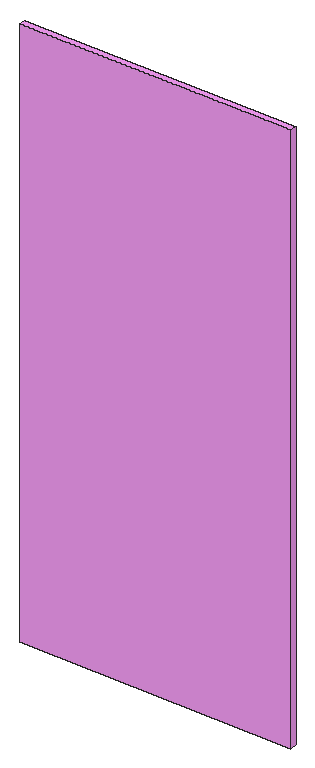
Revit family "EXP_WT-1A_CPan-003", category Curtain Panels, Revit 2021
Family settings
  OmniClass Number = 23.25.20.14.11.11.17
  OmniClass Title = Infill Panels
  Always vertical = Yes
  Cut with Voids When Loaded = No
  Shared = No
Parameters
  UI-UnitNumber [instance] = "01"
  UI-Quadrant [instance] = "SE"
  UI-ProjectAbbreviation = "NEU"
  UI-ItemCategory = "PID"
  UI-FloorNumber [instance] = "03"
  PNT-WallType = "WT1A"
  PNT-ProjectAbbreviation = "NEU"
  PNT-PanelType [instance] = "01"
  PNT-ItemCategory = "PNL"
  GlassSPH [instance] = 0' - 2 3/16"
  GlassH1 [instance] = IG-3F(Glass)
  Define Thermal Properties by = Schematic Type
  CellSp = 0' - 10 3/16"
  CellL [instance] = 7' - 10"
  CellH1 [instance] = CellH  # 15' - 11 1/2"
  CellH [instance] = 15' - 11 1/2"
  Analytic Construction = "<None>"
Reference planes (in)
  plane 1 "Center (Front/Back)": y = 0
  plane 2: z = 0
  plane 3 "Center (Left/Right)": x = 0
  plane 4 "Left": x = -47
  plane 5 "Right": x = 47
  plane 6 "Top": z = 191.5
  plane 7: y = -10.1875
Forms (in)
  Extrusion 1, solid, material "IG-3F(Glass)" <- "GlassH1", detail levels coarse+medium
    sketch origin (0, 0, 0) x (0, 1, 0) y (0, 0, 1)
      loop
        line (0, 191.5) -> (-10.1875, 191.5) -> (-10.1875, 0) -> (0, 0) -> (0, 191.5)
    from -47 to 47
Text (in)
  text "Exterior" at (-92.59733, 55.75508, 0), in view "Ref. Level"
  text "Exterior" at (0, 90.18664, 173.49264), in view "Left"
  text "Exterior" at (0, 52.29083, 162.21847), in view "Right"
Dimensions and locks (in)
  equal spacing: plane 4 "Left", plane 3 "Center (Left/Right)", plane 5 "Right"  (x2)
  "CellH": plane 2 to plane 6 "Top"
  "CellSp": plane 7 to plane 1 "Center (Front/Back)"
  "CellL": plane 4 "Left" to plane 5 "Right"
  aligned and locked: level to plane 2
  aligned and locked: Extrusion 1 sketch curve to level
  aligned and locked: Extrusion 1 sketch curve to plane 7
  aligned and locked: Extrusion 1 to plane 5 "Right"
  aligned and locked: plane 4 "Left" to Extrusion 1
  aligned and locked: Extrusion 1 to plane 6 "Top"
  aligned and locked: nested 1 to Extrusion 1
  aligned and locked: nested 1 to plane 4 "Left"
  aligned and locked: nested 1 to plane 5 "Right"
  aligned and locked: nested 2 to level
  aligned and locked: nested 2 to plane 1 "Center (Front/Back)"
  aligned and locked: plane 6 "Top" to nested 2
  aligned and locked: plane 5 "Right" to nested 3
  aligned and locked: plane 4 "Left" to nested 3
  aligned and locked: Extrusion 1 to level
  aligned and locked: nested 3 to plane 6 "Top"
  aligned and locked: plane 1 "Center (Front/Back)" to nested 3
  aligned and locked: plane 1 "Center (Front/Back)" to nested 4
  aligned and locked: plane 4 "Left" to nested 4
  aligned and locked: plane 5 "Right" to nested 4
  aligned and locked: plane 2 to nested 4
  aligned and locked: nested 4 to plane 6 "Top"
Automatic sketch dimensions
  Extrusion 1 sketch curve to plane 1 "Center (Front/Back)" = 0' - 0"
  level to Extrusion 1 sketch curve = 15' - 11 1/2"
Nested families (in)
  nested 1: "EXP_WT-1A_DetO-001" at (-47, 0, 0), type "EXP_WT-1A_DetO-001"
    with built-in parameter 1001306 7.8333 (stored number, unit not read)
  nested 2: "EXP_WT-1A_DetO-005" at (0, 0, 191.5) x (0, 0, -1) z (1, 0, 0), type "EXP_WT-1A_DetO-005"
    with built-in parameter 1001306 15.958 (stored number, unit not read), CellH 15' - 11 1/2"
  nested 3: "EXP_xx_DetO-002" at (0, 0, 0), CellH <- "CellH", CellL <- "CellL", type "EXP_xx_DetO-002", detail levels coarse
    with CellL 7' - 10", CellH 15' - 11 1/2"
  nested 4: "EXP_WT-1x_IG-001" at (0, 0, 95.75), MaterialGlass <- "GlassH1", GlassSP <- "GlassSPH", type "GlassSP = H", detail levels fine
    with MaterialGlass IG-3F(Glass), GlassSP 0' - 2 3/16", GlassL 7' - 8.12549", GlassH 15' - 8.62598", CellL 7' - 10", CellH 15' - 11 1/2"
Definition of nested family "EXP_WT-1x_IG-001"
  Parameters (values of type "H2 _ GlassSP = 1 1/4"")
    MaterialGlass [instance] = none
    GlassSP [instance] = 0' - 1 1/4"
    GlassL [instance] = CellL - (GlassD1 + GlassD3)  # 3' - 10.94439"
    GlassH [instance] = CellH - (GlassD2 + GlassD4)  # 6' - 6.64788"
    GlassD4 = 0' - 1.43701"
    GlassD3 = 0' - 0.93701"
    GlassD2 = 0' - 0 1/2"
    GlassD1 = 0' - 0 15/16"
    GMPI-ProjectAbbreviation = "NEU"
    GMPI-IteamCategory = "GLS"
    Default Elevation = 0' - 0"
    CellL [instance] = 4' - 0.8189"
    CellH [instance] = 6' - 8.58489"
  Types (12): name | GlassSP | GlassL | GlassH | GlassD4 | GlassD2 | GlassD1
    H2(x2) _ GlassSP = 2 1/8" | 0' - 2.12598" | 3' - 10.94488" | 6' - 6.64788" | 0' - 1.43701" | 0' - 0 1/2" | 0' - 0.93701"
    H1 _ GlassSP = 1 1/4" | 0' - 1 1/4" | 3' - 10.94439" | 6' - 6.89739" | 0' - 0 1/4" | 0' - 1 7/16" | 0' - 0 15/16"
    H2(x3) _ GlassSP = 2 1/8" | 0' - 2.12598" | 3' - 10.94488" | 6' - 7.83489" | 0' - 0 1/4" | 0' - 0 1/2" | 0' - 0.93701"
    H3 _ GlassSP = 1 1/4" | 0' - 1 1/4" | 3' - 10.94439" | 6' - 6.64788" | 0' - 1.43701" | 0' - 0 1/2" | 0' - 0 15/16"
    H _ GlassSP = 2 1/8" | 0' - 2.12598" | 3' - 10.94488" | 6' - 5.71088" | 0' - 1.43701" | 0' - 1.43701" | 0' - 0.93701"
    H _ GlassSP = 1 1/4" | 0' - 1 1/4" | 3' - 10.94439" | 6' - 5.71088" | 0' - 1.43701" | 0' - 1.43701" | 0' - 0 15/16"
    H2 _ GlassSP = 1 1/4" | 0' - 1 1/4" | 3' - 10.94439" | 6' - 6.64788" | 0' - 1.43701" | 0' - 0 1/2" | 0' - 0 15/16"
    GlassSP = H | 0' - 1 1/4" | 3' - 10.94439" | 6' - 5.71088" | 0' - 1.43701" | 0' - 1.43701" | 0' - 0 15/16"
    GlassSP = H3 | 0' - 1 1/4" | 3' - 10.94439" | 6' - 6.64788" | 0' - 1.43701" | 0' - 0 1/2" | 0' - 0 15/16"
    GlassSP = H2(x3) | 0' - 2.12598" | 3' - 10.94488" | 6' - 7.83489" | 0' - 0 1/4" | 0' - 0 1/2" | 0' - 0.93701"
    GlassSP = H2(x2) | 0' - 2.12598" | 3' - 10.94488" | 6' - 6.64788" | 0' - 1.43701" | 0' - 0 1/2" | 0' - 0.93701"
    GlassSP = H1 | 0' - 1 1/4" | 3' - 10.94439" | 6' - 6.89739" | 0' - 0 1/4" | 0' - 1 7/16" | 0' - 0 15/16"
  Reference planes (in)
    plane 1 "Center (Front/Back)": y = 0
    plane 2: z = 0
    plane 3 "Center (Left/Right)": x = 0
    plane 4: x = -24.40945
    plane 5: x = 24.40945
    plane 6: z = 40.29245
    plane 7: x = -23.47195
    plane 8: x = 23.47244
    plane 9: z = -40.29245
    plane 10: z = 39.79245
    plane 11: z = -38.85544
  Forms (in)
    Extrusion 1, solid, material <- "MaterialGlass"
      sketch origin (0, 0, 0) x (1, 0, 0) y (0, 0, 1)
        loop
          line (-23.47195, -38.85544) -> (23.47244, -38.85544) -> (23.47244, 39.79245) -> (-23.47195, 39.79245) -> (-23.47195, -38.85544)
      from 0 to 1.25 <- "GlassSP"
  Dimensions and locks (in)
    equal spacing: plane 6, level, plane 9
    "CellH": plane 6 to plane 9
    "GlassD2": plane 6 to plane 10
    "GlassD4": plane 11 to plane 9
    equal spacing: plane 4, plane 3 "Center (Left/Right)", plane 5
    "CellL": plane 4 to plane 5
    "GlassD1": plane 4 to plane 7
    "GlassD3": plane 5 to plane 8
    aligned and locked: level to plane 2
    aligned and locked: Extrusion 1 sketch curve to plane 11
    aligned and locked: Extrusion 1 sketch curve to plane 7
    aligned and locked: plane 10 to Extrusion 1 sketch curve
    aligned and locked: plane 8 to Extrusion 1 sketch curve
Definition of nested family "EXP_WT-1A_DetO-001"
  Parameters (values of type "EXP_WT-1A_DetO-001")
    built-in parameter 1001306 [instance] = 5' - 2.99213"
  Reference planes (in)
    plane 1 "Center (Front/Back)": y = 0
    plane 2: z = 0
    plane 3 "Left": x = 0
    plane 4 "Right": x = 62.99213
  Lines and regions (in)
    reference lines, in view "Ref. Level"
      curve 1: line (0, 0, 0) -> (62.99213, 0, 0)
    detail lines, in view "Ref. Level"
      curve 2: line (0.25, 0, 0) -> (0.5458, 0, 0)
      curve 3: line (0.25, 0, 0) -> (0.5458, 0, 0)
      curve 4: line (62.99213, -0.81795, 0) -> (62.99213, -10.1875, 0)
      curve 5: line (62.99213, -10.1875, 0) -> (60.99213, -10.1875, 0)
      curve 6: line (60.99213, -10.1875, 0) -> (60.99213, -2.43678, 0)
      curve 7: line (60.99213, -2.43678, 0) -> (62.44632, -2.43678, 0)
      curve 8: line (62.44632, -2.43678, 0) -> (62.44632, 0, 0)
      curve 9: line (62.44632, 0, 0) -> (62.74213, 0, 0)
      curve 10: line (62.74213, 0, 0) -> (62.74213, -0.81795, 0)
      curve 11: line (62.99213, -0.81795, 0) -> (62.74213, -0.81795, 0)
      curve 12: line (0.25, 0, 0) -> (0.25, -0.81795, 0)
      curve 13: line (0.25, 0, 0) -> (0.5458, 0, 0)
      curve 14: line (0, -0.81795, 0) -> (0.25, -0.81795, 0)
      curve 15: line (0, -0.81795, 0) -> (0, -10.1875, 0)
      curve 16: line (2, -10.1875, 0) -> (0, -10.1875, 0)
      curve 17: line (2, -2.43676, 0) -> (2, -10.1875, 0)
      curve 18: line (0.5458, -2.43676, 0) -> (2, -2.43676, 0)
      curve 19: line (0.5458, -2.43676, 0) -> (0.5458, 0, 0)
      curve 20: line (0.94241, 0, 0) -> (62.04971, 0, 0)
      curve 21: line (0.94241, -1.31, 0) -> (0.94241, 0, 0)
      curve 22: line (0.94241, -1.31, 0) -> (62.04971, -1.31, 0)
      curve 23: line (62.04971, -1.31, 0) -> (62.04971, 0, 0)
  Dimensions and locks (in)
    "built-in parameter 1001306": plane 3 "Left" to plane 4 "Right"
    aligned and locked: plane 1 "Center (Front/Back)" to curve 1
    aligned and locked: plane 3 "Left" to curve 1
    aligned and locked: plane 4 "Right" to curve 1
    aligned and locked: curve 4 to plane 4 "Right"
    aligned and locked: curve 1 to curve 13
    aligned and locked: curve 15 to plane 3 "Left"
    aligned and locked: curve 1 to curve 20
    aligned and locked: curve 5 to curve 16
  Automatic sketch dimensions
    plane 1 "Center (Front/Back)" to curve 9 = 0' - 0"
    curve 2 to curve 2 = 0' - 0.2958"
    curve 7 to plane 4 "Right" = 0' - 2"
    curve 9 to plane 4 "Right" = 0' - 0.5458"
    curve 10 to curve 4 = 0' - 0 1/4"
    plane 1 "Center (Front/Back)" to curve 4 = 0' - 0.81795"
    curve 7 to curve 10 = 0' - 1.61883"
    curve 5 to curve 7 = 0' - 7.75072"
    plane 1 "Center (Front/Back)" to curve 15 = 0' - 0.81795"
    plane 3 "Left" to curve 16 = 0' - 2"
    curve 17 to curve 12 = 0' - 1.61881"
    plane 3 "Left" to curve 20 = 0' - 0.94241"
    curve 23 to curve 10 = 0' - 0.69242"
    curve 23 to curve 10 = 0' - 0.49205"
    plane 3 "Left" to curve 14 = 0' - 0 1/4"
Definition of nested family "EXP_WT-1A_DetO-005"
  Parameters (values of type "EXP_WT-1A_DetO-005")
    built-in parameter 1001306 [instance] = 12' - 11"
    CellH [instance] = 12' - 11"
  Reference planes (in)
    plane 1 "Center (Front/Back)": y = 0
    plane 2: z = 0
    plane 3 "Left": x = 0
    plane 4 "Right": x = 155
  Lines and regions (in)
    reference lines, in view "Ref. Level"
      curve 1: line (0, 0, 0) -> (155, 0, 0)
    detail lines, in view "Ref. Level"
      curve 2: line (153.80789, 0, 0) -> (1.19241, 0, 0)
      curve 3: line (153.80789, -1.31, 0) -> (1.19241, -1.31, 0)
      curve 4: line (0, -10.1875, 0) -> (2.125, -10.1875, 0)
      curve 5: line (0, -0.81812, 0) -> (0, -10.1875, 0)
      curve 6: line (0.5, 0, 0) -> (0.5, -0.81812, 0)
      curve 7: line (0.5, 0, 0) -> (0.7958, 0, 0)
      curve 8: line (0, -0.81812, 0) -> (0.5, -0.81812, 0)
      curve 9: line (0.7958, -2.43676, 0) -> (0.7958, 0, 0)
      curve 10: line (2.125, -2.43676, 0) -> (0.7958, -2.43676, 0)
      curve 11: line (2.125, -10.1875, 0) -> (2.125, -2.43676, 0)
      curve 12: line (1.19241, -1.31, 0) -> (1.19241, 0, 0)
      curve 13: line (155, 60, 0) -> (155, -10.1875, 0)
      curve 14: line (155, -10.1875, 0) -> (151.625, -10.1875, 0)
      curve 15: line (151.625, -10.1875, 0) -> (151.625, -2.43679, 0)
      curve 16: line (151.625, -2.43679, 0) -> (154.2042, -2.43679, 0)
      curve 17: line (154.2042, -2.43679, 0) -> (154.2042, 0, 0)
      curve 18: line (154.5, 0, 0) -> (154.5, -0.81812, 0)
      curve 19: line (154.2042, 0, 0) -> (154.5, 0, 0)
      curve 20: line (155, -0.81812, 0) -> (154.5, -0.81812, 0)
      curve 21: line (155, -0.81812, 0) -> (155, -10.1875, 0)
      curve 22: line (153.80789, -1.31, 0) -> (153.80789, 0, 0)
  Dimensions and locks (in)
    "built-in parameter 1001306": plane 3 "Left" to plane 4 "Right"
    "CellH": plane 3 "Left" to plane 4 "Right"
    aligned and locked: plane 1 "Center (Front/Back)" to curve 1
    aligned and locked: plane 3 "Left" to curve 1
    aligned and locked: plane 4 "Right" to curve 1
    aligned and locked: curve 2 to plane 1 "Center (Front/Back)"
    aligned and locked: curve 1 to curve 7
    aligned and locked: curve 13 to plane 4 "Right"
    aligned and locked: curve 21 to plane 4 "Right"
    aligned and locked: curve 14 to curve 4
  Automatic sketch dimensions
    plane 1 "Center (Front/Back)" to curve 5 = 0' - 0.81812"
    plane 3 "Left" to curve 6 = 0' - 0 1/2"
    curve 6 to curve 9 = 0' - 0.2958"
    curve 9 to curve 10 = 0' - 1.3292"
    curve 10 to curve 6 = 0' - 1.61864"
    curve 6 to curve 12 = 0' - 0.69242"
    curve 12 to curve 6 = 0' - 0.49188"
    curve 13 to plane 1 "Center (Front/Back)" = 5' - 0"
    curve 16 to curve 16 = 0' - 2.5792"
    plane 1 "Center (Front/Back)" to curve 19 = 0' - 0"
    curve 17 to curve 18 = 0' - 0.2958"
    curve 20 to curve 20 = 0' - 0 1/2"
    curve 22 to curve 16 = 0' - 0.39631"
    curve 16 to curve 22 = 0' - 1.12679"
    plane 1 "Center (Front/Back)" to curve 18 = 0' - 0.81812"
    curve 14 to curve 15 = 0' - 7.75071"
    curve 8 to plane 3 "Left" = 0' - 0"
Definition of nested family "EXP_xx_DetO-002"
  Parameters (values of type "EXP_xx_DetO-002")
    Default Elevation = 0' - 0"
    CellL [instance] = 5' - 4.56693"
    CellH [instance] = 5' - 2.99213"
  Reference planes (in)
    plane 1 "Center (Front/Back)": y = 0
    plane 2: z = 0
    plane 3 "Center (Left/Right)": x = 0
    plane 4: x = -32.28346
    plane 5: x = 32.28346
    plane 6: z = 62.99213
  Lines and regions (in)
    model lines
      curve 1: line (-32.28346, 0, 62.99213) -> (32.28346, 0, 0)
      curve 2: line (32.28346, 0, 62.99213) -> (-32.28346, 0, 0)
  Dimensions and locks (in)
    "CellH": plane 6 to level
    equal spacing: plane 4, plane 3 "Center (Left/Right)", plane 5
    "CellL": plane 4 to plane 5
    aligned and locked: level to plane 2
  Automatic sketch dimensions
    curve 2 to level = 0' - 0"
    plane 4 to curve 2 = 0' - 0"
    plane 4 to curve 1 = 0' - 0"
    plane 5 to curve 2 = 0' - 0"
    curve 1 to level = 0' - 0"
    plane 5 to curve 1 = 0' - 0"
    curve 2 to plane 6 = 0' - 0"
    curve 1 to plane 6 = 0' - 0"
